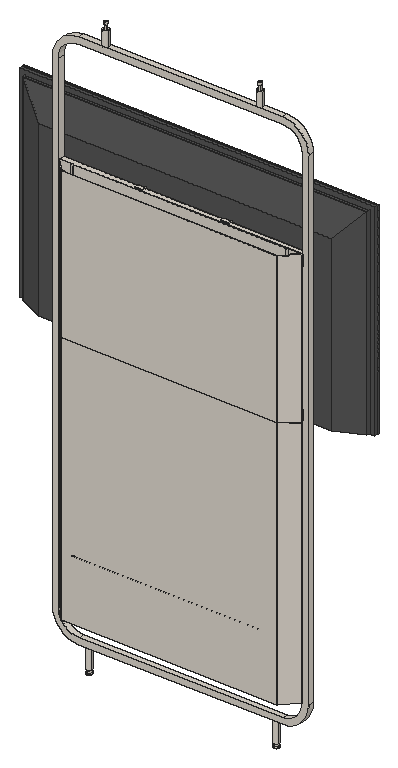
Revit family "okamura_LivesPostBeam140_BLS5C2_ライブス ポストビーム_固定パネル_モニター付_900W2040H", category 家具, Revit 2017
Family settings
  OmniClass 番号 = 23.40.20.00
  OmniClass タイトル = General Furniture and Specialties
  作業面に基づく = いいえ
  常に垂直 = はい
  ロード時にボイドで切り取り = いいえ
  共有 = いいえ
  部屋計算ポイント = いいえ
Parameters (values of type "（ライトグレージュ）")
  製造元 = "株式会社オカムラ"
  製品名称 [instance] = "ライブス ポストビーム"  # constant formula
  製品コード/色仕様 = "BLS5C2"  # constant formula
  製品コード [instance] = "BLS5C2"  # constant formula
  色仕様名称 [instance] = "ライトグレージュ"
  色仕様コード [instance] = ""
  本体 = okm_ZH17
  導入日 [instance] = ""
  共通仕様 = ""
  備考 = ""
  シリアルNo [instance] = ""
  キーノート = "12490"
  アセンブリ コード = "E2020200"
  W = 900.0 mm  # constant formula
  URL = "http://www.okamura.co.jp/"
  Product_URL = ""
  ID [instance] = ""
  H = 2040.0 mm  # constant formula
  D = 140.0 mm  # constant formula
  Copyright [instance] = "©2022.10 okamura Corp."  # constant formula
Types (5, lengths in mm): name | 色仕様名称 | 本体
  (no name) | "ライトグレージュ" | okm_ZH17
  （ライトグレージュ） | "ライトグレージュ" | okm_ZH17
  （ブラック） | "ブラック" | okm_ZK25
  （ネオホワイト） | "ネオホワイト" | okm_ZA75
  （ダークグレー） | "ダークグレー" | okm_ZH15
Reference planes
  plane 1 "中心(正面/背面)": y = 0
  plane 2: z = 0
  plane 3 "中心(左/右)": x = 0
  plane 4 "左": x = -450
  plane 5 "右": x = 450
  plane 6 "背面": y = 70
  plane 7 "正面": y = -70
  plane 8 "上": z = 2040
  plane 9: z = 1990
Forms (mm)
  Extrusion 1, solid, material "okm_ZH17" <- "本体"
    sketch origin (0, 0, 0) x (1, 0, 0) y (0, 0, 1)
      loop
        line (-447.5, 1899) -> (-447.5, 176)
        arc (-447.5, 176) -> (-420.847, 111.653) -> (-356.5, 85) r 91
        line (-356.5, 85) -> (356.5, 85)
        arc (356.5, 85) -> (420.847, 111.653) -> (447.5, 176) r 91
        line (447.5, 176) -> (447.5, 1899)
        arc (447.5, 1899) -> (420.847, 1963.347) -> (356.5, 1990) r 91
        line (356.5, 1990) -> (-356.5, 1990)
        arc (-356.5, 1990) -> (-420.847, 1963.347) -> (-447.5, 1899) r 91
      loop
        arc (-426.5, 176) -> (-405.997, 126.503) -> (-356.5, 106) r 70
        line (-356.5, 106) -> (356.5, 106)
        arc (356.5, 106) -> (405.997, 126.503) -> (426.5, 176) r 70
        line (426.5, 176) -> (426.5, 1899)
        arc (426.5, 1899) -> (405.997, 1948.497) -> (356.5, 1969) r 70
        line (356.5, 1969) -> (-356.5, 1969)
        arc (-356.5, 1969) -> (-405.997, 1948.497) -> (-426.5, 1899) r 70
        line (-426.5, 1899) -> (-426.5, 176)
    from -0.98 to 20.02
  Revolve 2, solid, material "okm_ZH17" <- "本体"
    sketch origin (4267.2, -9.5, -213.314) x (0, 0, -1) y (1, 0, 0)
      loop
        line (-228.314, -4604.25) -> (-228.314, -4598.7) -> (-224.314, -4598.7)
        arc (-224.314, -4598.7) -> (-223.607, -4598.993) -> (-223.314, -4599.7) r 1
        line (-223.314, -4599.7) -> (-223.314, -4602.206) -> (-217.314, -4602.206) -> (-217.314, -4603.681)
        arc (-217.314, -4603.681) -> (-217.021, -4604.388) -> (-216.314, -4604.681) r 1
        line (-216.314, -4604.681) -> (-214.314, -4604.681)
        arc (-214.314, -4604.681) -> (-213.607, -4604.388) -> (-213.314, -4603.681) r 1
        line (-213.314, -4603.681) -> (-213.314, -4594.7) -> (-298.314, -4594.7) -> (-298.314, -4604.25) -> (-228.314, -4604.25)
      axis (-298.314, -4594.7) -> (-213.314, -4594.7)
    angle from 0 to 360
  Revolve 3, solid, material "okm_ZH17" <- "本体"
    sketch origin (4267.2, -9.5, -213.314) x (0, 0, -1) y (1, 0, 0)
      loop
        line (-228.314, -3930.15) -> (-298.314, -3930.15) -> (-298.314, -3939.7) -> (-213.314, -3939.7) -> (-213.314, -3930.719)
        arc (-213.314, -3930.719) -> (-213.607, -3930.012) -> (-214.314, -3929.719) r 1
        line (-214.314, -3929.719) -> (-216.314, -3929.719)
        arc (-216.314, -3929.719) -> (-217.021, -3930.012) -> (-217.314, -3930.719) r 1
        line (-217.314, -3930.719) -> (-217.314, -3932.194) -> (-223.314, -3932.194) -> (-223.314, -3934.7)
        arc (-223.314, -3934.7) -> (-223.607, -3935.407) -> (-224.314, -3935.7) r 1
        line (-224.314, -3935.7) -> (-228.314, -3935.7) -> (-228.314, -3930.15)
      axis (-298.314, -3939.7) -> (-213.314, -3939.7)
    angle from 0 to 360
  Extrusion 4, solid, material "okm_G155"
    sketch origin (0.443, 0, 0) x (1, 0, 0) y (0, 0, 1)
      loop
        line (-621.886, 1769.038) -> (-621.886, 1050.931) -> (621, 1050.931) -> (621, 1769.038) -> (-621.886, 1769.038)
      loop
        line (613, 1068.931) -> (613, 1761.038) -> (-613.886, 1761.038) -> (-613.886, 1068.931) -> (613, 1068.931)
    from -70 to -65
  Extrusion 5, solid, material "okm_G155"
    sketch origin (0.443, 0, 0) x (1, 0, 0) y (0, 0, 1)
      loop
        line (-621.886, 1769.038) -> (-621.886, 1050.931) -> (621, 1050.931) -> (621, 1769.038) -> (-621.886, 1769.038)
    from -65 to -54.18
  Extrusion 6, solid, material "okm_G155"
    sketch origin (0.443, 0, 0) x (1, 0, 0) y (0, 0, 1)
      loop
        line (613, 1068.931) -> (613, 1761.038) -> (-613.886, 1761.038) -> (-613.886, 1068.931) -> (613, 1068.931)
    from -67.5 to -65
  Blend 7, solid, material "okm_G155"
    base sketch origin (0, 0, 0) x (1, 0, 0) y (0, 0, 1)
      loop
        line (511.829, 1050.931) -> (511.829, 1654.129) -> (-512.715, 1654.129) -> (-512.715, 1050.931) -> (511.829, 1050.931)
    top sketch origin (0, 0, 0) x (1, 0, 0) y (0, 0, 1)
      loop
        line (-603.397, 1750.931) -> (-603.397, 1050.931) -> (602.511, 1050.931) -> (602.511, 1750.931) -> (-603.397, 1750.931)
    from -0.98 to -43.052
  Extrusion 8, solid, material "okm_G155"
    sketch origin (0, 0, 0) x (1, 0, 0) y (0, 0, 1)
      loop
        line (-603.397, 1750.931) -> (-603.397, 1050.931) -> (602.511, 1050.931) -> (602.511, 1750.931) -> (-603.397, 1750.931)
    from -43.052 to -54.18
  Revolve 9, solid, material "okm_ZH17" <- "本体"
    sketch origin (4267.2, -9.596, -213.314) x (0, 0, -1) y (-1, 0, 0)
      loop
        line (-2278.314, 4537.2) -> (-2203.314, 4537.2) -> (-2203.314, 4547.2) -> (-2253.314, 4547.2) -> (-2253.314, 4541.2) -> (-2272.314, 4541.2) -> (-2272.314, 4543.2) -> (-2278.314, 4543.2) -> (-2278.314, 4537.2)
      axis (-2278.314, 4537.2) -> (-2203.314, 4537.2)
    angle from 0 to 360
  Revolve 10, solid, material "okm_ZH17" <- "本体"
    sketch origin (4267.2, -9.596, -213.314) x (0, 0, -1) y (-1, 0, 0)
      loop
        line (-2278.314, 3997.2) -> (-2278.314, 3991.2) -> (-2272.314, 3991.2) -> (-2272.314, 3993.2) -> (-2253.314, 3993.2) -> (-2253.314, 3987.2) -> (-2203.314, 3987.2) -> (-2203.314, 3997.2) -> (-2278.314, 3997.2)
      axis (-2278.314, 3997.2) -> (-2203.314, 3997.2)
    angle from 0 to 360
  Extrusion 11, solid, material "okm_ZH17" <- "本体"
    sketch origin (0.443, 0, 0) x (1, 0, 0) y (0, 1, 0)
      loop
        line (-378.143, -29.52) -> (-376.943, -29.52) -> (-376.943, -20.52)
        arc (-376.943, -20.52) -> (-377.236, -19.813) -> (-377.943, -19.52) r 1
        line (-377.943, -19.52) -> (-425.743, -19.52)
        arc (-425.743, -19.52) -> (-426.852, -20.261) -> (-426.592, -21.568) r 1.2
        line (-426.592, -21.568) -> (-378.95, -69.227)
        arc (-378.95, -69.227) -> (-378.626, -69.444) -> (-378.243, -69.52) r 1
        line (-378.243, -69.52) -> (377.357, -69.52)
        arc (377.357, -69.52) -> (377.74, -69.444) -> (378.064, -69.227) r 1
        line (378.064, -69.227) -> (425.706, -21.568)
        arc (425.706, -21.568) -> (425.966, -20.261) -> (424.857, -19.52) r 1.2
        line (424.857, -19.52) -> (377.057, -19.52)
        arc (377.057, -19.52) -> (376.35, -19.813) -> (376.057, -20.52) r 1
        line (376.057, -20.52) -> (376.057, -29.52) -> (377.257, -29.52) -> (377.257, -20.72) -> (424.874, -20.72) -> (377.274, -68.32) -> (-378.16, -68.32) -> (-425.76, -20.72) -> (-378.143, -20.72) -> (-378.143, -29.52)
    from 1059.52 to 176
  Extrusion 12, solid, material "okm_ZH17" <- "本体"
    sketch origin (0, 0, 0) x (0, 1, 0) y (0, 0, 1)
      loop
        line (-55.22, 403.3) -> (-55.22, 379.3)
        arc (-55.22, 379.3) -> (-54.927, 378.593) -> (-54.22, 378.3) r 1
        line (-54.22, 378.3) -> (-8.42, 378.3) -> (-8.42, 319.5) -> (-7.22, 319.5) -> (-7.22, 378.5)
        arc (-7.22, 378.5) -> (-7.513, 379.207) -> (-8.22, 379.5) r 1
        line (-8.22, 379.5) -> (-54.02, 379.5) -> (-54.02, 403.3) -> (-55.22, 403.3)
    from -351.524 to 351.524
  Extrusion 13, solid, material "okm_ZH17" <- "本体"
    sketch origin (0, 0, 0) x (0, 1, 0) y (0, 0, 1)
      loop
        line (0.98, 1586.82) -> (-15.72, 1586.82) -> (-15.72, 1584.52) -> (-0.82, 1584.52) -> (-0.82, 1101.821) -> (-15.72, 1101.821) -> (-15.72, 1099.52) -> (-1.02, 1099.52)
        arc (-1.02, 1099.52) -> (0.394, 1100.106) -> (0.98, 1101.52) r 2
        line (0.98, 1101.52) -> (0.98, 1586.82)
    from 137.299 to 162.699
  Extrusion 14, solid, material "okm_ZH17" <- "本体"
    sketch origin (0, 0, 0) x (0, 1, 0) y (0, 0, -1)
      loop
        line (0.98, -1586.82) -> (0.98, -1101.52)
        arc (0.98, -1101.52) -> (0.394, -1100.106) -> (-1.02, -1099.52) r 2
        line (-1.02, -1099.52) -> (-15.72, -1099.52) -> (-15.72, -1101.821) -> (0, -1101.821) -> (0, -1584.52) -> (-15.72, -1584.52) -> (-15.72, -1586.82) -> (0.98, -1586.82)
    from 137.299 to 162.699
  Extrusion 15, solid, material "okm_ZH17" <- "本体"
    sketch origin (0, 0, 0) x (1, 0, 0) y (0, 1, 0)
      loop
        line (-425.059, -0.62) -> (-425.059, -8.62) -> (426.5, -8.62) -> (426.5, -0.62) -> (-425.059, -0.62)
    from 176 to 1019.52
  Extrusion 16, solid, material "okm_ZH17" <- "本体"
    sketch origin (0, 0, 0) x (0, 1, 0) y (0, 0, 1)
      loop
        line (-0.52, 1584.52) -> (-18.52, 1584.52)
        arc (-18.52, 1584.52) -> (-19.227, 1584.227) -> (-19.52, 1583.52) r 1
        line (-19.52, 1583.52) -> (-19.52, 1545.52)
        arc (-19.52, 1545.52) -> (-19.227, 1544.813) -> (-18.52, 1544.52) r 1
        line (-18.52, 1544.52) -> (-0.52, 1544.52)
        arc (-0.52, 1544.52) -> (0.187, 1544.813) -> (0.48, 1545.52) r 1
        line (0.48, 1545.52) -> (0.48, 1583.52)
        arc (0.48, 1583.52) -> (0.187, 1584.227) -> (-0.52, 1584.52) r 1
      loop
        arc (-0.52, 1059.52) -> (0.187, 1059.813) -> (0.48, 1060.52) r 1
        line (0.48, 1060.52) -> (0.48, 1098.52)
        arc (0.48, 1098.52) -> (0.187, 1099.227) -> (-0.52, 1099.52) r 1
        line (-0.52, 1099.52) -> (-18.52, 1099.52)
        arc (-18.52, 1099.52) -> (-19.227, 1099.227) -> (-19.52, 1098.52) r 1
        line (-19.52, 1098.52) -> (-19.52, 1060.52)
        arc (-19.52, 1060.52) -> (-19.227, 1059.813) -> (-18.52, 1059.52) r 1
        line (-18.52, 1059.52) -> (-0.52, 1059.52)
    from -426.124 to 426.943
  Extrusion 17, solid, material "okm_ZH17" <- "本体"
    sketch origin (0.443, 0, 2279.04) x (0, -1, 0) y (1, 0, 0)
      loop
        line (29.52, -378.143) -> (29.52, -376.943) -> (20.52, -376.943)
        arc (20.52, -376.943) -> (19.813, -377.236) -> (19.52, -377.943) r 1
        line (19.52, -377.943) -> (19.52, -425.743)
        arc (19.52, -425.743) -> (20.261, -426.852) -> (21.568, -426.592) r 1.2
        line (21.568, -426.592) -> (69.227, -378.95)
        arc (69.227, -378.95) -> (69.444, -378.626) -> (69.52, -378.243) r 1
        line (69.52, -378.243) -> (69.52, 377.357)
        arc (69.52, 377.357) -> (69.444, 377.74) -> (69.227, 378.064) r 1
        line (69.227, 378.064) -> (21.568, 425.706)
        arc (21.568, 425.706) -> (20.261, 425.966) -> (19.52, 424.857) r 1.2
        line (19.52, 424.857) -> (19.52, 377.057)
        arc (19.52, 377.057) -> (19.813, 376.35) -> (20.52, 376.057) r 1
        line (20.52, 376.057) -> (29.52, 376.057) -> (29.52, 377.257) -> (20.72, 377.257) -> (20.72, 424.874) -> (68.32, 377.274) -> (68.32, -378.16) -> (20.72, -425.76) -> (20.72, -378.143) -> (29.52, -378.143)
    from -1219.52 to -694.52
  Extrusion 18, solid, material "okm_ZH17" <- "本体"
    sketch origin (0, 0, 0) x (1, 0, 0) y (0, 1, 0)
      loop
        line (135.02, 0.78) -> (135.02, -15.72) -> (137.299, -15.72) -> (137.299, 0.98) -> (162.699, 0.98) -> (162.699, -15.72) -> (165.02, -15.72) -> (165.02, 0.78)
        arc (165.02, 0.78) -> (164.434, 2.194) -> (163.02, 2.78) r 2
        line (163.02, 2.78) -> (137.02, 2.78)
        arc (137.02, 2.78) -> (135.605, 2.194) -> (135.02, 0.78) r 2
      loop
        arc (-134.979, 0.78) -> (-135.564, 2.194) -> (-136.979, 2.78) r 2
        line (-136.979, 2.78) -> (-162.979, 2.78)
        arc (-162.979, 2.78) -> (-164.393, 2.194) -> (-164.979, 0.78) r 2
        line (-164.979, 0.78) -> (-164.979, -15.72) -> (-162.658, -15.72) -> (-162.658, 0.98) -> (-137.258, 0.98) -> (-137.258, -15.72) -> (-134.979, -15.72) -> (-134.979, 0.78)
    from 1101.821 to 1518.001
Lines and regions (mm)
  Masking region 1
    outline origin (0, 0, 0) x (1, 0, 0) y (0, 1, 0)
      loop
        line (-621.443, 70) -> (-621.443, 54.18) -> (-602.511, 54.18) -> (-601.502, 45.96)
        arc (-601.502, 45.96) -> (-600.675, 43.602) -> (-598.813, 41.936) r 5.015
        line (-598.813, 41.936) -> (-533.836, 8.431)
        arc (-533.836, 8.431) -> (-513.336, 1.52) -> (-491.829, -0.82) r 100
        line (-491.829, -0.82) -> (-450, -0.82) -> (-450, -20.02) -> (-427.697, -20.02) -> (-377.734, -70) -> (377.734, -70) -> (427.697, -20.02) -> (450, -20.02) -> (450, -0.82) -> (491.829, -0.82)
        arc (491.829, -0.82) -> (513.336, 1.52) -> (533.836, 8.431) r 100
        line (533.836, 8.431) -> (598.813, 41.936)
        arc (598.813, 41.936) -> (600.675, 43.602) -> (601.502, 45.96) r 5.015
        line (601.502, 45.96) -> (602.511, 54.18) -> (621.443, 54.18) -> (621.443, 70) -> (-621.443, 70)
  symbolic lines, style "okm_簡略", detail levels coarse
    curve 1: line (-621.443, 70, 0) -> (621.443, 70, 0)
    curve 2: line (-621.443, 54.18, 0) -> (-621.443, 70, 0)
    curve 3: line (621.443, 54.18, 0) -> (-621.443, 54.18, 0)
    curve 4: line (-602.511, 54.18, 0) -> (-601.502, 45.96, 0)
    curve 5: line (-601.502, 45.96, 0) -> (601.502, 45.96, 0)
    curve 6: arc (-601.502, 45.96, 0) -> (-600.675, 43.602, 0) -> (-598.813, 41.936, 0) r 5.015
    curve 7: line (-598.813, 41.936, 0) -> (-533.836, 8.431, 0)
    curve 8: arc (-533.836, 8.431, 0) -> (-513.336, 1.52, 0) -> (-491.829, -0.82, 0) r 100
    curve 9: line (491.829, -0.82, 0) -> (-491.829, -0.82, 0)
    curve 10: line (-450, -0.82, 0) -> (-450, -20.02, 0)
    curve 11: line (-450, -20.02, 0) -> (450, -20.02, 0)
    curve 12: line (377.734, -70, 0) -> (-377.734, -70, 0)
    curve 13: line (-351.081, -55.876, 0) -> (351.081, -55.876, 0)
    curve 14: line (-351.081, -28.176, 0) -> (-351.081, -55.876, 0)
    curve 15: line (-354.459, -20.02, 0) -> (-351.081, -28.176, 0)
    curve 31: line (621.443, 54.18, 0) -> (621.443, 70, 0)
    curve 32: line (602.511, 54.18, 0) -> (601.502, 45.96, 0)
    curve 33: arc (601.502, 45.96, 0) -> (600.675, 43.602, 0) -> (598.813, 41.936, 0) r 5.015
    curve 34: line (598.813, 41.936, 0) -> (533.836, 8.431, 0)
    curve 35: arc (533.836, 8.431, 0) -> (513.336, 1.52, 0) -> (491.829, -0.82, 0) r 100
    curve 36: line (450, -0.82, 0) -> (450, -20.02, 0)
    curve 37: line (351.081, -28.176, 0) -> (351.081, -55.876, 0)
    curve 38: line (354.459, -20.02, 0) -> (351.081, -28.176, 0)
    curve 49: line (-427.697, -20.02, 0) -> (-377.734, -70, 0)
    curve 50: line (377.734, -70, 0) -> (427.697, -20.02, 0)
  symbolic lines, style "okm_標準・詳細", detail levels medium+fine
    curve 16: line (-621.443, 70, 0) -> (621.443, 70, 0)
    curve 17: line (-621.443, 54.18, 0) -> (-621.443, 70, 0)
    curve 18: line (621.443, 54.18, 0) -> (-621.443, 54.18, 0)
    curve 19: line (-602.511, 54.18, 0) -> (-601.502, 45.96, 0)
    curve 20: line (-601.502, 45.96, 0) -> (601.502, 45.96, 0)
    curve 21: arc (-601.502, 45.96, 0) -> (-600.675, 43.602, 0) -> (-598.813, 41.936, 0) r 5.015
    curve 22: line (-598.813, 41.936, 0) -> (-533.836, 8.431, 0)
    curve 23: arc (-533.836, 8.431, 0) -> (-513.336, 1.52, 0) -> (-491.829, -0.82, 0) r 100
    curve 24: line (491.829, -0.82, 0) -> (-491.829, -0.82, 0)
    curve 25: line (-450, -20.02, 0) -> (450, -20.02, 0)
    curve 26: line (-450, -0.82, 0) -> (-450, -20.02, 0)
    curve 27: line (377.734, -70, 0) -> (-377.734, -70, 0)
    curve 28: line (-351.081, -55.876, 0) -> (351.081, -55.876, 0)
    curve 29: line (-351.081, -28.176, 0) -> (-351.081, -55.876, 0)
    curve 30: line (-354.459, -20.02, 0) -> (-351.081, -28.176, 0)
    curve 39: line (621.443, 54.18, 0) -> (621.443, 70, 0)
    curve 40: line (602.511, 54.18, 0) -> (601.502, 45.96, 0)
    curve 41: arc (601.502, 45.96, 0) -> (600.675, 43.602, 0) -> (598.813, 41.936, 0) r 5.015
    curve 42: line (598.813, 41.936, 0) -> (533.836, 8.431, 0)
    curve 43: arc (533.836, 8.431, 0) -> (513.336, 1.52, 0) -> (491.829, -0.82, 0) r 100
    curve 44: line (450, -0.82, 0) -> (450, -20.02, 0)
    curve 45: line (351.081, -28.176, 0) -> (351.081, -55.876, 0)
    curve 46: line (354.459, -20.02, 0) -> (351.081, -28.176, 0)
    curve 47: line (-427.697, -20.02, 0) -> (-377.734, -70, 0)
    curve 48: line (377.734, -70, 0) -> (427.697, -20.02, 0)
Dimensions and locks
  equal spacing: plane 4 "左", plane 3 "中心(左/右)", plane 5 "右"
  "W": plane 4 "左" to plane 5 "右"
  equal spacing: plane 7 "正面", plane 1 "中心(正面/背面)", plane 6 "背面"
  "D": plane 7 "正面" to plane 6 "背面"
  "H": plane 8 "上" to level
  plane 8 "上" to plane 9 = 50.0 mm
  aligned and locked: level to plane 2
Automatic sketch dimensions
  curve 6 to curve 21 = 0.0 mm  (x2)
  curve 8 to curve 23 = 0.0 mm  (x2)
  curve 33 to curve 41 = 0.0 mm  (x2)
  curve 35 to curve 43 = 0.0 mm  (x2)
  plane 6 "背面" to curve 1 = 0.0 mm
  plane 7 "正面" to curve 27 = 0.0 mm
  curve 1 to plane 4 "左" = 171.443 mm
  curve 2 to curve 20 = 19.941 mm
  plane 6 "背面" to curve 22 = 28.064 mm
  curve 6 to curve 22 = 2.689 mm
  curve 4 to curve 6 = 4.996 mm
  curve 7 to plane 1 "中心(正面/背面)" = 8.431 mm
  curve 6 to curve 7 = 64.977 mm
  curve 8 to plane 4 "左" = 41.829 mm
  plane 4 "左" to curve 26 = 0.0 mm
  plane 4 "左" to curve 27 = 72.266 mm
  curve 14 to plane 7 "正面" = 14.124 mm
  curve 12 to curve 14 = 26.653 mm
  plane 1 "中心(正面/背面)" to curve 45 = 28.176 mm
  curve 45 to plane 5 "右" = 98.919 mm
  curve 13 to curve 12 = 26.653 mm
  curve 44 to plane 5 "右" = 0.0 mm
  plane 5 "右" to curve 43 = 41.829 mm
  curve 42 to plane 1 "中心(正面/背面)" = 8.431 mm
  curve 43 to curve 42 = 42.006 mm
  plane 6 "背面" to curve 33 = 23.612 mm
  curve 43 to curve 33 = 62.67 mm
  plane 6 "背面" to curve 42 = 28.064 mm
  curve 33 to curve 42 = 2.307 mm
  plane 6 "背面" to curve 40 = 24.04 mm
  curve 33 to curve 31 = 19.941 mm
  curve 13 to curve 29 = 27.7 mm
  plane 1 "中心(正面/背面)" to curve 11 = 20.02 mm
  plane 1 "中心(正面/背面)" to curve 9 = 0.82 mm
  plane 6 "背面" to curve 39 = 15.82 mm
  curve 19 to curve 19 = 1.009 mm
  curve 4 to curve 19 = 0.0 mm
  curve 10 to curve 47 = 22.303 mm
  curve 49 to curve 47 = 0.0 mm
  curve 15 to curve 14 = 3.378 mm
  curve 30 to curve 15 = 0.0 mm
  curve 37 to curve 38 = 3.378 mm
  curve 46 to curve 38 = 0.0 mm
  curve 48 to curve 11 = 22.303 mm
  curve 50 to curve 48 = 0.0 mm
  curve 40 to curve 40 = 1.009 mm
  curve 32 to curve 40 = 0.0 mm
  Extrusion 1 sketch curve to Extrusion 1 sketch curve = 0.0 mm  (x8)
  Extrusion 1 sketch curve to plane 9 = 0.0 mm
  plane 4 "左" to Extrusion 1 sketch curve = 2.5 mm
  Extrusion 1 sketch curve to Extrusion 1 sketch curve = 21.0 mm
  Extrusion 1 sketch curve to Extrusion 1 sketch curve = 70.0 mm  (x2)
  Extrusion 1 sketch curve to plane 5 "右" = 93.5 mm  (x2)
  Extrusion 1 sketch curve to plane 5 "右" = 23.5 mm
  level to Extrusion 1 sketch curve = 176.0 mm
  Revolve 2 sketch curve to level = 0.0 mm  (x2)
  level to Revolve 2 sketch curve = 1.0 mm
  Revolve 2 sketch curve to Revolve 2 sketch curve = 2.0 mm
  Revolve 2 sketch curve to Revolve 2 sketch curve = 1.0 mm  (x2)
  Revolve 2 sketch curve to Revolve 2 sketch curve = 6.0 mm
  Revolve 2 sketch curve to Revolve 2 sketch curve = 4.0 mm
  Revolve 2 sketch curve to Revolve 2 sketch curve = 70.0 mm
  plane 4 "左" to Revolve 2 sketch curve = 112.519 mm
  Revolve 2 sketch curve to Revolve 2 sketch curve = 0.569 mm
  Revolve 2 sketch curve to Revolve 2 sketch curve = 1.476 mm
  Revolve 2 sketch curve to Revolve 2 sketch curve = 2.506 mm
  Revolve 2 sketch curve to Revolve 2 sketch curve = 9.55 mm
  Revolve 2 sketch curve to level = 25.0 mm
  Revolve 2 sketch curve to Revolve 2 sketch curve = 0.0 mm
  Revolve 3 sketch curve to level = 0.0 mm  (x2)
  level to Revolve 3 sketch curve = 1.0 mm
  Revolve 3 sketch curve to Revolve 3 sketch curve = 2.0 mm
  Revolve 3 sketch curve to Revolve 3 sketch curve = 1.0 mm  (x2)
  Revolve 3 sketch curve to Revolve 3 sketch curve = 6.0 mm
  Revolve 3 sketch curve to Revolve 3 sketch curve = 4.0 mm  (x2)
  Revolve 3 sketch curve to Revolve 3 sketch curve = 70.0 mm
  Revolve 3 sketch curve to plane 5 "右" = 122.5 mm
  Revolve 3 sketch curve to Revolve 3 sketch curve = 2.506 mm
  Revolve 3 sketch curve to Revolve 3 sketch curve = 1.476 mm
  Revolve 3 sketch curve to Revolve 3 sketch curve = 2.044 mm
  Revolve 3 sketch curve to level = 25.0 mm
  Revolve 3 sketch curve to Revolve 3 sketch curve = 0.0 mm
  Extrusion 4 sketch curve to plane 4 "左" = 171.443 mm
  Extrusion 4 sketch curve to Extrusion 4 sketch curve = 8.0 mm  (x3)
  plane 5 "右" to Extrusion 4 sketch curve = 163.443 mm
  Extrusion 4 sketch curve to plane 9 = 939.069 mm
  Extrusion 4 sketch curve to Extrusion 4 sketch curve = 18.0 mm
  Extrusion 4 sketch curve to plane 9 = 228.962 mm
  Extrusion 5 sketch curve to plane 4 "左" = 171.443 mm
  plane 5 "右" to Extrusion 5 sketch curve = 171.443 mm
  Extrusion 5 sketch curve to plane 9 = 939.069 mm
  Extrusion 5 sketch curve to plane 9 = 220.962 mm
  Extrusion 6 sketch curve to plane 4 "左" = 163.443 mm
  plane 5 "右" to Extrusion 6 sketch curve = 163.443 mm
  Extrusion 6 sketch curve to plane 9 = 921.069 mm
  Extrusion 6 sketch curve to plane 9 = 228.962 mm
  Blend 7 sketch curve to plane 4 "左" = 62.715 mm
  plane 5 "右" to Blend 7 sketch curve = 61.829 mm
  Blend 7 sketch curve to plane 9 = 939.069 mm  (x2)
  Blend 7 sketch curve to plane 9 = 335.871 mm
  Blend 7 sketch curve to plane 4 "左" = 153.397 mm
  plane 5 "右" to Blend 7 sketch curve = 152.511 mm
  Blend 7 sketch curve to plane 9 = 239.069 mm
  Extrusion 8 sketch curve to plane 4 "左" = 153.397 mm
  plane 5 "右" to Extrusion 8 sketch curve = 152.511 mm
  Extrusion 8 sketch curve to plane 9 = 939.069 mm
  Extrusion 8 sketch curve to plane 9 = 239.069 mm
  Revolve 9 sketch curve to plane 8 "上" = 0.0 mm
  Revolve 9 sketch curve to plane 9 = 0.0 mm
  plane 8 "上" to Revolve 9 sketch curve = 19.0 mm
  Revolve 9 sketch curve to Revolve 9 sketch curve = 6.0 mm  (x3)
  plane 4 "左" to Revolve 9 sketch curve = 180.0 mm
  Revolve 9 sketch curve to Revolve 9 sketch curve = 4.0 mm  (x2)
  Revolve 9 sketch curve to Revolve 9 sketch curve = 1.0 mm
  Revolve 9 sketch curve to Revolve 9 sketch curve = 15.0 mm
  Revolve 10 sketch curve to plane 8 "上" = 0.0 mm
  Revolve 10 sketch curve to plane 9 = 0.0 mm
  plane 8 "上" to Revolve 10 sketch curve = 19.0 mm
  Revolve 10 sketch curve to Revolve 10 sketch curve = 6.0 mm  (x2)
  Revolve 10 sketch curve to plane 5 "右" = 170.0 mm
  Revolve 10 sketch curve to Revolve 10 sketch curve = 4.0 mm
  Revolve 10 sketch curve to Revolve 10 sketch curve = 10.0 mm
  Revolve 10 sketch curve to Revolve 10 sketch curve = 1.0 mm
  Revolve 10 sketch curve to Revolve 10 sketch curve = 15.0 mm
  Revolve 10 sketch curve to Revolve 10 sketch curve = 0.0 mm
  plane 4 "左" to Extrusion 11 sketch curve = 23.851 mm
  Extrusion 11 sketch curve to Extrusion 11 sketch curve = 0.831 mm  (x2)
  Extrusion 11 sketch curve to Extrusion 11 sketch curve = 0.017 mm  (x3)
  Extrusion 11 sketch curve to plane 7 "正面" = 0.773 mm  (x2)
  Extrusion 11 sketch curve to Extrusion 11 sketch curve = 47.641 mm
  Extrusion 11 sketch curve to Extrusion 11 sketch curve = 0.707 mm  (x2)
  Extrusion 11 sketch curve to plane 7 "正面" = 1.68 mm
  Extrusion 11 sketch curve to Extrusion 11 sketch curve = 0.083 mm  (x2)
  plane 1 "中心(正面/背面)" to Extrusion 11 sketch curve = 20.72 mm
  Extrusion 11 sketch curve to Extrusion 11 sketch curve = 47.6 mm
  Extrusion 11 sketch curve to Extrusion 11 sketch curve = 0.2 mm  (x2)
  Extrusion 11 sketch curve to Extrusion 11 sketch curve = 1.2 mm
  Extrusion 11 sketch curve to plane 5 "右" = 73.5 mm
  Extrusion 11 sketch curve to Extrusion 11 sketch curve = 1.0 mm
  Extrusion 11 sketch curve to plane 5 "右" = 24.7 mm
  Extrusion 11 sketch curve to plane 7 "正面" = 0.48 mm
  plane 1 "中心(正面/背面)" to Extrusion 11 sketch curve = 29.52 mm
  Extrusion 11 sketch curve to Extrusion 11 sketch curve = 8.8 mm  (x2)
  plane 1 "中心(正面/背面)" to Extrusion 11 sketch curve = 21.568 mm  (x2)
  Extrusion 11 sketch curve to Extrusion 11 sketch curve = 0.848 mm  (x2)
  Extrusion 11 sketch curve to Extrusion 11 sketch curve = 0.0 mm  (x2)
  Extrusion 12 sketch curve to plane 7 "正面" = 14.78 mm
  Extrusion 12 sketch curve to Extrusion 12 sketch curve = 1.0 mm  (x2)
  Extrusion 12 sketch curve to Extrusion 12 sketch curve = 0.2 mm  (x3)
  plane 1 "中心(正面/背面)" to Extrusion 12 sketch curve = 8.42 mm
  level to Extrusion 12 sketch curve = 319.5 mm
  Extrusion 12 sketch curve to Extrusion 12 sketch curve = 58.8 mm
  Extrusion 12 sketch curve to Extrusion 12 sketch curve = 23.8 mm
  plane 1 "中心(正面/背面)" to Extrusion 13 sketch curve = 0.82 mm
  plane 1 "中心(正面/背面)" to Extrusion 13 sketch curve = 1.02 mm
  Extrusion 13 sketch curve to Extrusion 13 sketch curve = 14.7 mm
  plane 1 "中心(正面/背面)" to Extrusion 13 sketch curve = 15.72 mm
  Extrusion 13 sketch curve to plane 1 "中心(正面/背面)" = 0.98 mm
  Extrusion 13 sketch curve to plane 9 = 890.48 mm
  Extrusion 13 sketch curve to Extrusion 13 sketch curve = 0.301 mm
  Extrusion 13 sketch curve to plane 9 = 405.48 mm
  Extrusion 13 sketch curve to Extrusion 13 sketch curve = 2.3 mm
  Extrusion 14 sketch curve to plane 1 "中心(正面/背面)" = 0.0 mm
  plane 1 "中心(正面/背面)" to Extrusion 14 sketch curve = 1.02 mm
  Extrusion 14 sketch curve to Extrusion 14 sketch curve = 14.7 mm
  plane 1 "中心(正面/背面)" to Extrusion 14 sketch curve = 15.72 mm
  Extrusion 14 sketch curve to plane 1 "中心(正面/背面)" = 0.98 mm
  Extrusion 14 sketch curve to plane 9 = 403.18 mm
  Extrusion 14 sketch curve to Extrusion 14 sketch curve = 2.3 mm
  Extrusion 14 sketch curve to Extrusion 14 sketch curve = 482.699 mm
  Extrusion 14 sketch curve to Extrusion 14 sketch curve = 0.301 mm
  plane 6 "背面" to Masking region 1 sketch curve = 0.0 mm
  plane 7 "正面" to Masking region 1 sketch curve = 0.0 mm
  plane 6 "背面" to Masking region 1 sketch curve = 15.82 mm  (x2)
  Masking region 1 sketch curve to plane 4 "左" = 171.443 mm
  Masking region 1 sketch curve to Masking region 1 sketch curve = 18.932 mm  (x2)
  plane 6 "背面" to Masking region 1 sketch curve = 24.04 mm  (x2)
  Masking region 1 sketch curve to Masking region 1 sketch curve = 1.009 mm  (x2)
  plane 6 "背面" to Masking region 1 sketch curve = 28.064 mm  (x2)
  Masking region 1 sketch curve to Masking region 1 sketch curve = 2.689 mm
  Masking region 1 sketch curve to Masking region 1 sketch curve = 2.307 mm  (x2)
  Masking region 1 sketch curve to plane 1 "中心(正面/背面)" = 8.431 mm  (x2)
  Masking region 1 sketch curve to Masking region 1 sketch curve = 64.977 mm
  plane 1 "中心(正面/背面)" to Masking region 1 sketch curve = 0.82 mm  (x2)
  Masking region 1 sketch curve to Masking region 1 sketch curve = 42.006 mm  (x2)
  plane 4 "左" to Masking region 1 sketch curve = 0.0 mm
  Masking region 1 sketch curve to Masking region 1 sketch curve = 22.303 mm
  Masking region 1 sketch curve to Masking region 1 sketch curve = 49.962 mm
  Masking region 1 sketch curve to plane 5 "右" = 72.266 mm
  Masking region 1 sketch curve to plane 5 "右" = 22.303 mm
  Masking region 1 sketch curve to plane 5 "右" = 0.0 mm
  plane 5 "右" to Masking region 1 sketch curve = 41.829 mm
  plane 6 "背面" to Masking region 1 sketch curve = 23.612 mm
  Masking region 1 sketch curve to Masking region 1 sketch curve = 62.67 mm
  plane 1 "中心(正面/背面)" to Masking region 1 sketch curve = 20.02 mm  (x2)
  plane 1 "中心(正面/背面)" to Extrusion 15 sketch curve = 8.62 mm
  plane 4 "左" to Extrusion 15 sketch curve = 24.941 mm
  Extrusion 15 sketch curve to plane 5 "右" = 23.5 mm
  plane 1 "中心(正面/背面)" to Extrusion 15 sketch curve = 0.62 mm
  plane 1 "中心(正面/背面)" to Extrusion 16 sketch curve = 19.52 mm  (x2)
  Extrusion 16 sketch curve to Extrusion 16 sketch curve = 1.0 mm  (x4)
  plane 1 "中心(正面/背面)" to Extrusion 16 sketch curve = 0.52 mm  (x4)
  Extrusion 16 sketch curve to plane 1 "中心(正面/背面)" = 0.48 mm  (x2)
  Extrusion 16 sketch curve to plane 9 = 930.48 mm
  Extrusion 16 sketch curve to Extrusion 16 sketch curve = 38.0 mm  (x2)
  Extrusion 16 sketch curve to Extrusion 16 sketch curve = 445.0 mm
  plane 1 "中心(正面/背面)" to Extrusion 17 sketch curve = 19.52 mm  (x2)
  Extrusion 17 sketch curve to Extrusion 17 sketch curve = 1.0 mm  (x2)
  Extrusion 17 sketch curve to Extrusion 17 sketch curve = 1.2 mm  (x2)
  Extrusion 17 sketch curve to Extrusion 17 sketch curve = 0.0 mm  (x2)
  Extrusion 17 sketch curve to Extrusion 17 sketch curve = 0.2 mm  (x6)
  Extrusion 17 sketch curve to Extrusion 17 sketch curve = 0.848 mm  (x2)
  Extrusion 17 sketch curve to Extrusion 17 sketch curve = 8.8 mm  (x2)
  Extrusion 17 sketch curve to plane 7 "正面" = 1.68 mm
  Extrusion 17 sketch curve to plane 7 "正面" = 0.773 mm  (x2)
  Extrusion 17 sketch curve to plane 7 "正面" = 0.48 mm
  plane 4 "左" to Extrusion 17 sketch curve = 23.851 mm
  Extrusion 17 sketch curve to Extrusion 17 sketch curve = 0.017 mm  (x3)
  Extrusion 17 sketch curve to Extrusion 17 sketch curve = 47.641 mm
  Extrusion 17 sketch curve to Extrusion 17 sketch curve = 0.083 mm  (x2)
  Extrusion 17 sketch curve to Extrusion 17 sketch curve = 47.6 mm
  Extrusion 17 sketch curve to plane 5 "右" = 73.5 mm
  Extrusion 17 sketch curve to plane 5 "右" = 24.7 mm
  plane 1 "中心(正面/背面)" to Extrusion 18 sketch curve = 15.72 mm  (x4)
  Extrusion 18 sketch curve to plane 3 "中心(左/右)" = 164.979 mm
  Extrusion 18 sketch curve to plane 1 "中心(正面/背面)" = 0.78 mm  (x2)
  Extrusion 18 sketch curve to Extrusion 18 sketch curve = 2.0 mm  (x2)
  Extrusion 18 sketch curve to Extrusion 18 sketch curve = 2.32 mm  (x2)
  Extrusion 18 sketch curve to plane 1 "中心(正面/背面)" = 0.98 mm  (x2)
  Extrusion 18 sketch curve to Extrusion 18 sketch curve = 25.4 mm  (x2)
  Extrusion 18 sketch curve to Extrusion 18 sketch curve = 0.28 mm
  Extrusion 18 sketch curve to Extrusion 18 sketch curve = 2.28 mm  (x2)
  plane 3 "中心(左/右)" to Extrusion 18 sketch curve = 135.02 mm
  Extrusion 18 sketch curve to Extrusion 18 sketch curve = 0.32 mm
